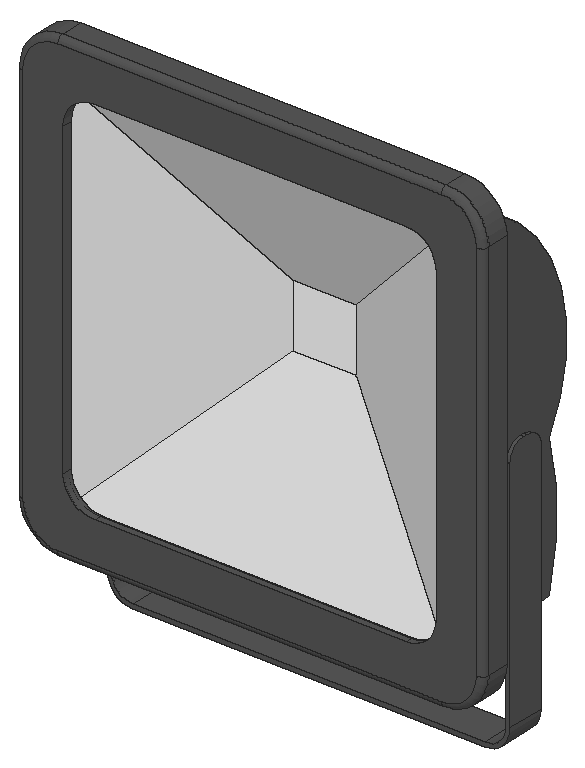
Revit family "0047827 Feilo Sylvania Lighting Fixture START FLOOD LED 4700LM 50W 4000K", category Lighting Fixtures, host Face, Revit 2017
Family settings
  Host = Face
  Round Connector Dimension = Use Diameter
  Part Type = Normal
  OmniClass Number = 23.80.70.00
  OmniClass Title = Lighting
  Cut with Voids When Loaded = No
  Light Source = No
  Shared = No
  Room Calculation Point = No
Parameters (values of type "0047827 START FLOOD LED 4700LM 50W 4000K")
  Weight = "8.895 kg"
  Wattage Comments = ""
  WarrantyStartDate [instance] = "n/a"
  WarrantyGuarantorParts = "n/a"
  WarrantyDurationUnit = "n/a"
  WarrantyDurationParts = "n/a"
  WarrantyDescription = "n/a"
  Voltage = 230 V
  URL = "http://www.sylvania-lighting.com"
  TypeName = "START FLOOD LED 4700LM 50W 4000K"
  Type Image = <None>
  Type Comments = "n/a"
  TiltAngle_FEILO [instance] = 0.00°
  SerialNumber [instance] = "n/a"
  Material_3_FEILO = none
  PowerFactor = 0
  PowerConsumption = "50 W"
  NominalLength = 70.8 mm
  NominalHeight = 268.3 mm
  NominalDepth = 220.7 mm
  Name = "START FLOOD LED 4700LM 50W 4000K"
  ModelReference = Name  # "START FLOOD LED 4700LM 50W 4000K"
  ModelNumber = "0047827"
  Model = Name  # "START FLOOD LED 4700LM 50W 4000K"
  Material = "die-cast aluminium housing, glass diffuser"
  ManufacturerName = "Feilo Sylvania"
  Manufacturer = "Feilo Sylvania"
  LuminousEfficacy = "94 lm/W"
  LuminaireType = ""
  LightOutputRatio = "100"
  LampsType = Lamp  # "LED"
  LampNominalLuminous = "4700 lm"
  LampMacAdamStep = "n/a"
  LampColourTemperature = "4000 K"
  LampColourRenderingIndex = "0"
  Lamp = "LED"
  Keynote = "16500"
  InstallationDate [instance] = "n/a"
  InputVoltage = "220-240V~"
  InputNominalFrequency = "n/a"
  IngressProtection = "IP44"
  ImpactProtectionIndex = "IK07"
  IfcExportType = "IfcLightFixtureType"
  IfcExportAs = "IfcLightFixtureType"
  ExpectedLife = 50000
  EndAngle_FEILO [instance] = TiltAngle_FEILO + 180.00°  # 180.00°
  ElectricShockClassification = "Class I"
  DurationUnit = "hours"
  DocumentationLiterature = "http://www.sylvania-lighting.com/product/en-int/products/0047827"
  DimmingControlOptions = "n/a"
  Material_2_FEILO = none
  Description = "LED floodlight, IP65, 4700LM, 50W, 4000K, 100 degree beam angle, black aluminium die-cast body, slimline 70.8mmx220.7mmx220.7mm, lifetime 30,000hrs, PIR: 8m range 120 degree angle, adjustable lux: 0 -1000 lux, adjustable time: 10 sec - 12min."
  Default Elevation = 1219.2 mm
  CreatedOn = "12/15/2017"
  CreatedBy = ""
  Cost = 0
  built-in parameter 1114216 [instance] = (empty or 0)
  ClassificationValue = "EF_70_80"
  ClassificationName = "Uniclass2015"
  Material_1_FEILO = Body-Sylvania-StartFlood-Black
  BracketWidth_FEILO = 18 mm
  BracketThickness_FEILO = 2 mm
  BracketRadius_FEILO = 10 mm
  BracketRadiusOuter_FEILO = BracketRadius_FEILO + BracketThickness_FEILO  # 12 mm
  BracketInnerWidth_FEILO = 186.4 mm
  BracketHeight_FEILO = 132 mm
  BracketFillet_FEILO = BracketWidth_FEILO / 2 - 1 mm  # 8 mm
  BracketAxisFromTop_FEILO = BracketWidth_FEILO / 2  # 9 mm
  BarCode [instance] = "n/a"
  AssetType = "Fixed"
  AssetIdentifier [instance] = "n/a"
  Assembly Code = "D5020200"
  Apparent Load = 50 VA
  Material_4_FEILO = none
Reference planes
  plane 1 "Center (Front/Back)": y = 0
  plane 2: z = 0
  plane 3 "Center (Left/Right)": x = 0
  plane 4: x = -93.2
  plane 5: x = 95.2
  plane 6: z = 132
  plane 7: x = -95.2
  plane 8: z = 2
  plane 9: x = 93.2
  plane 10: y = 9
  plane 11: y = -9
  plane 12: y = -10
  plane 13: y = 10
  plane 14: z = 133
  plane 15: z = 123
Forms (mm)
  Extrusion 1, solid, material "Body-Sylvania-StartFlood-Black" <- "Material_1_FEILO"
    sketch origin (0, 0, 0) x (1, 0, 0) y (0, 0, 1)
      loop
        line (-93.2, 132) -> (-95.2, 132) -> (-95.2, 12)
        arc (-95.2, 12) -> (-91.685, 3.515) -> (-83.2, 0) r 12
        line (-83.2, 0) -> (83.2, 0)
        arc (83.2, 0) -> (91.685, 3.515) -> (95.2, 12) r 12
        line (95.2, 12) -> (95.2, 132) -> (93.2, 132) -> (93.2, 12)
        arc (93.2, 12) -> (90.271, 4.929) -> (83.2, 2) r 10
        line (83.2, 2) -> (-83.2, 2)
        arc (-83.2, 2) -> (-90.271, 4.929) -> (-93.2, 12) r 10
        line (-93.2, 12) -> (-93.2, 132)
    from -9 to 9
  Extrusion 2, void
    sketch origin (0, 0, 0) x (0, 1, 0) y (0, 0, 1)
      loop
        arc (1, 132) -> (6.657, 129.657) -> (9, 124) r 8
        line (9, 124) -> (10, 124) -> (10, 133) -> (-10, 133) -> (-10, 124) -> (-9, 124)
        arc (-9, 124) -> (-6.657, 129.657) -> (-1, 132) r 8
        line (-1, 132) -> (1, 132)
    from -95.2 to 95.2
  Revolve 3, solid, not visible
    sketch origin (0, 0, 0) x (1, 0, 0) y (0, 0, 1)
      loop
        line (0, 123) -> (0, 132) -> (-13.68, 132) -> (-13.68, 123) -> (0, 123)
      axis (0, 123) -> (-13.68, 123)
    angle from 0 <- "TiltAngle_FEILO" to 180 <- "EndAngle_FEILO"
Cuts and joins
  Extrusion 2 cuts Extrusion 1
Dimensions and locks
  plane 5 to plane 3 "Center (Left/Right)" to plane 4 = 95.2 mm, 93.2 mm
  "BracketThickness_FEILO": plane 8 to plane 2
  "BracketThickness_FEILO": plane 4 to plane 7
  "BracketThickness_FEILO": plane 5 to plane 9
  locked: plane 6 to plane 14 at 1
  "BracketAxisFromTop_FEILO": plane 15 to plane 6
  "BracketWidth_FEILO": plane 11 to plane 10
  equal spacing: plane 11, plane 1 "Center (Front/Back)", plane 10
  equal spacing: plane 12, plane 1 "Center (Front/Back)", plane 13
  locked: plane 10 to plane 13 at 1
  "BracketHeight_FEILO": plane 6 to plane 2
  equal spacing: plane 9, plane 3 "Center (Left/Right)", plane 4
  "BracketInnerWidth_FEILO": plane 9 to plane 4
  equal spacing: plane 5, plane 3 "Center (Left/Right)", plane 7
  "BracketRadius_FEILO": radius of Extrusion 1 sketch curve  (x2)
  "BracketRadiusOuter_FEILO": radius of Extrusion 1 sketch curve  (x2)
  "BracketFillet_FEILO": radius of Extrusion 2 sketch curve  (x2)
  aligned and locked: plane 2 to host face
  aligned and locked: level to host face
  aligned and locked: plane 6 to Extrusion 1 sketch curve  (x3)
  aligned and locked: Extrusion 1 sketch curve to plane 4
  aligned and locked: plane 8 to Extrusion 1 sketch curve
  aligned and locked: plane 9 to Extrusion 1 sketch curve
  aligned and locked: Extrusion 1 sketch curve to plane 5
  aligned and locked: level to Extrusion 1 sketch curve
  aligned and locked: plane 7 to Extrusion 1 sketch curve
  aligned and locked: Extrusion 1 to plane 10
  aligned and locked: plane 11 to Extrusion 1
  aligned and locked: Extrusion 1 to Extrusion 2 sketch curve
  aligned and locked: plane 14 to Extrusion 2 sketch curve
  aligned and locked: Extrusion 2 sketch curve to plane 12
  aligned and locked: plane 13 to Extrusion 2 sketch curve
  aligned and locked: plane 5 to Extrusion 2
  aligned and locked: Extrusion 2 to plane 7
  aligned and locked: Extrusion 1 to Extrusion 2  (x2)
  aligned and locked: Revolve 3 sketch curve to plane 15  (x2)
  aligned and locked: Revolve 3 sketch curve to plane 3 "Center (Left/Right)"
  aligned and locked: plane 6 to Revolve 3 sketch curve
Automatic sketch dimensions
  host sketch curve to host sketch curve = 2438.4 mm  (x2)
  Extrusion 2 sketch curve to plane 11 = 0 mm
  Extrusion 2 sketch curve to plane 10 = 0 mm
  Revolve 3 sketch curve to plane 3 "Center (Left/Right)" = 13.68 mm
  Revolve 3 sketch curve to plane 7 = 1481.135 mm
  plane 5 to Revolve 3 sketch curve = 1608.273 mm
Nested families
  nested 1: "0047823 START FLOOD LED 2300LM 26W 4000K body" at (0, 0, 144.401) x (1, 0, 0) z (0, -1, 0), type "0047823 START FLOOD LED 2300LM 26W 4000K"
    with built-in parameter 1114216 (empty or 0)
Connectors
  electrical at (0, 0, 0), driven by "Apparent Load", driven by "PowerFactor", driven by "Voltage"
    settings: index 1, voltage 230 V, apparent load 50 VA, apparent load phase1 0 VA, apparent load phase2 0 VA, apparent load phase3 0 VA, power factor 0, load classification "Lighting", number of poles 1, system type 30, power factor state 1, is connector primary yes, connector utility no, sub classification motor no, connector description ""
Definition of nested family "0047823 START FLOOD LED 2300LM 26W 4000K body"
  Parameters (values of type "0047823 START FLOOD LED 2300LM 26W 4000K")
    Wattage Comments = "n/a"
    Wattage = 26 W
    built-in parameter 1150110 = 1 (stored number, unit not read)
    URL = "http://www.feilosylvania.com"
    Type Image = (empty or 0)
    Type Comments = "n/a"
    built-in parameter 1114217 = 1 (stored number, unit not read)
    Tilt Angle = -90.00°
    built-in parameter 1150109 = 1 (stored number, unit not read)
    built-in parameter 1150134 = 12
    built-in parameter 1150113 = 1 (stored number, unit not read)
    ScreenThickness_FEILO = BodyDepth_FEILO / 5.22  # 13.602 mm
    ScreenRadius_FEILO = BodyWidth_FEILO / 15  # 14.713 mm
    ScreenOffsetTop_FEILO = BodyHeight_FEILO / 10  # 22.07 mm
    ScreenOffsetSide_FEILO = BodyWidth_FEILO / 10  # 22.07 mm
    ScreenOffsetFromTop_FEILO = BodyDepth_FEILO / 16  # 4.438 mm
    ScreenChamfer_FEILO = BodyWidth_FEILO / 36  # 6.131 mm
    Photometric Web File = "0047823.ies"
    Material_3_FEILO = none
    Model = "START FLOOD LED 2300LM 26W 4000K"
    Manufacturer = "Feilo Sylvania"
    built-in parameter 1150105 = 1027.4 (stored number, unit not read)
    Lumens = 2288 lm
    built-in parameter 1150115 = 1 (stored number, unit not read)
    built-in parameter 1150137 = (empty or 0)
    built-in parameter 1150139 = (empty or 0)
    built-in parameter 1150112 = 1 (stored number, unit not read)
    built-in parameter 1150114 = 1 (stored number, unit not read)
    Lamp = "LED"
    Keynote = "16500"
    Material_2_FEILO = none
    built-in parameter 1150132 = (empty or 0)
    built-in parameter 1150102 = (empty or 0)
    built-in parameter 1150107 = 4000 (stored number, unit not read)
    built-in parameter 1150138 = (empty or 0)
    built-in parameter 1150106 = 10.274 (stored number, unit not read)
    Emit from Rectangle Width = 170 mm
    Emit from Rectangle Length = 170 mm
    Emit Shape Visible in Rendering = no
    built-in parameter 1150104 = 8.1755 (stored number, unit not read)
    Dimming Lamp Color Temperature Shift = (empty or 0)
    Description = "LED IP65 floodlight, 2300LM, 26W, 4000K, 100 degree beam angle, black aluminium die-cast body, slimline 59.5mmx151.3mmx180mm, lifetime 30,000hrs."
    Default Elevation = 1219.2 mm
    Cost = 0
    Color Filter = 16777215
    built-in parameter 1114216 [instance] = (empty or 0)
    Material_1_FEILO = none
    BodyWidth_FEILO = 220.7 mm
    BodyTopFromAxis_FEILO = BodyDepth_FEILO / 1.62  # 43.827 mm
    BodyRadius_FEILO = BodyWidth_FEILO / 11.25  # 19.618 mm
    BodyHeight_FEILO = 220.7 mm
    BodyFillet_FEILO = 3 mm
    BodyDepth_FEILO = 71 mm
    built-in parameter 1114218 = 1 (stored number, unit not read)
    Back_3_FEILO = BodyHeight_FEILO / 3.3  # 66.879 mm
    Back_2_FEILO = BodyDepth_FEILO / 6.67  # 10.645 mm
    Back_1_FEILO = BodyDepth_FEILO / 12  # 5.917 mm
    BackOffset_FEILO = BodyWidth_FEILO / 45  # 4.904 mm
    built-in parameter 1150133 = 10 (stored number, unit not read)
    Assembly Code = "D5020200"
    Apparent Load = 26 VA
    Material_4_FEILO = none
  Reference planes
    plane 1 "Center (Front/Back)": y = 0
    plane 2: z = 0
    plane 3 "Center (Left/Right)": x = 0
    plane 4: x = 110.35
    plane 5: x = -110.35
    plane 6: y = 110.35
    plane 7: y = -110.35
    plane 8: x = -88.28
    plane 9: x = 88.28
    plane 10: y = 88.28
    plane 11: y = -88.28
    plane 12: x = -107.35
    plane 13: y = 107.35
    plane 14: y = -107.35
    plane 15: x = 107.35
    plane 16: z = 43.827
    plane 17: z = -27.173
    plane 18: z = 30.226
    plane 19: z = 39.39
    plane 20: z = 40.827
    plane 21: y = 93.184
    plane 22: x = -93.184
    plane 23: y = -93.184
    plane 24: x = 93.184
    plane 25: z = -21.256
    plane 26: y = -21.401
    plane 27: z = -16.528
    plane 28: x = -15
    plane 29: x = 15
    plane 30: y = 15
    plane 31: y = -15
  Forms (mm)
    Extrusion 1, solid
      sketch origin (4.2, 0, 0) x (1, 0, 0) y (0, 1, 0)
        loop
          line (-1219.2, 1219.2) -> (-1219.2, -1219.2) -> (1219.2, -1219.2) -> (1219.2, 1219.2) -> (-1219.2, 1219.2)
      from 0 to -68.017
    Extrusion 2, solid, material <- "Material_1_FEILO"
      sketch origin (0, 1219.2, 43.827) x (1, 0, 0) y (0, -1, 0)
        loop
          line (-90.732, 1108.85) -> (90.732, 1108.85)
          arc (90.732, 1108.85) -> (104.604, 1114.596) -> (110.35, 1128.468) r 19.618
          line (110.35, 1128.468) -> (110.35, 1309.932)
          arc (110.35, 1309.932) -> (104.604, 1323.804) -> (90.732, 1329.55) r 19.618
          line (90.732, 1329.55) -> (-90.732, 1329.55)
          arc (-90.732, 1329.55) -> (-104.604, 1323.804) -> (-110.35, 1309.932) r 19.618
          line (-110.35, 1309.932) -> (-110.35, 1128.468)
          arc (-110.35, 1128.468) -> (-104.604, 1114.596) -> (-90.732, 1108.85) r 19.618
      from 13.602 to 0
    Extrusion 3, void
      sketch origin (0, 1219.2, 43.827) x (0, -1, 0) y (1, 0, 0)
        loop
          arc (1130.92, -73.567) -> (1135.229, -83.971) -> (1145.633, -88.28) r 14.713
          line (1145.633, -88.28) -> (1292.767, -88.28)
          arc (1292.767, -88.28) -> (1303.171, -83.971) -> (1307.48, -73.567) r 14.713
          line (1307.48, -73.567) -> (1307.48, 73.567)
          arc (1307.48, 73.567) -> (1303.171, 83.971) -> (1292.767, 88.28) r 14.713
          line (1292.767, 88.28) -> (1145.633, 88.28)
          arc (1145.633, 88.28) -> (1135.229, 83.971) -> (1130.92, 73.567) r 14.713
          line (1130.92, 73.567) -> (1130.92, -73.567)
      from 0 to -4.437
    Sweep 4, void
      path in 3D
        loop
          arc (90.732, -110.35, 43.827) -> (104.604, -104.604, 43.827) -> (110.35, -90.732, 43.827) r 19.618
          line (110.35, -90.732, 43.827) -> (110.35, 90.732, 43.827)
          arc (110.35, 90.732, 43.827) -> (104.604, 104.604, 43.827) -> (90.732, 110.35, 43.827) r 19.618
          line (90.732, 110.35, 43.827) -> (-90.732, 110.35, 43.827)
          arc (-90.732, 110.35, 43.827) -> (-104.604, 104.604, 43.827) -> (-110.35, 90.732, 43.827) r 19.618
          line (-110.35, 90.732, 43.827) -> (-110.35, -90.732, 43.827)
          arc (-110.35, -90.732, 43.827) -> (-104.604, -104.604, 43.827) -> (-90.732, -110.35, 43.827) r 19.618
          line (-90.732, -110.35, 43.827) -> (90.732, -110.35, 43.827)
      profile origin (0, -110.35, 43.827) x (0, 1, 0) y (0, 0, 1)
        loop
          line (3, 0) -> (5, 0) -> (5, 1.111) -> (-1.5, 1.111) -> (-1.5, -4.617) -> (0, -4.617) -> (0, -3)
          arc (0, -3) -> (0.879, -0.879) -> (3, 0) r 3
    Extrusion 5, solid, material <- "Material_1_FEILO"
      sketch origin (0, 0, 0) x (0, 1, 0) y (0, 0, 1)
        loop
          line (-93.184, 30.226) -> (-88.28, -16.528)
          arc (-88.28, -16.528) -> (-54.841, -21.256) -> (-21.401, -16.528) r 120.609
          arc (-21.401, -16.528) -> (47.174, -20.802) -> (93.184, 30.226) r 79.038
          line (93.184, 30.226) -> (-93.184, 30.226)
      from -93.184 to 93.184
    Blend 6, void
      base sketch origin (0, 1219.2, 39.39) x (0, -1, 0) y (1, 0, 0)
        loop
          line (1130.92, -88.28) -> (1307.48, -88.28) -> (1307.48, 88.28) -> (1130.92, 88.28) -> (1130.92, -88.28)
      top sketch origin (0, 1219.2, 39.39) x (0, -1, 0) y (1, 0, 0)
        loop
          line (1204.2, -15) -> (1234.2, -15) -> (1234.2, 15) -> (1204.2, 15) -> (1204.2, -15)
      from 0 to -39.39
    Extrusion 7, solid, material <- "Material_4_FEILO"
      sketch origin (0, 1219.2, 43.827) x (1, 0, 0) y (0, -1, 0)
        loop
          arc (-88.28, 1145.633) -> (-83.971, 1135.229) -> (-73.567, 1130.92) r 14.713
          line (-73.567, 1130.92) -> (73.567, 1130.92)
          arc (73.567, 1130.92) -> (83.971, 1135.229) -> (88.28, 1145.633) r 14.713
          line (88.28, 1145.633) -> (88.28, 1292.767)
          arc (88.28, 1292.767) -> (83.971, 1303.171) -> (73.567, 1307.48) r 14.713
          line (73.567, 1307.48) -> (-73.567, 1307.48)
          arc (-73.567, 1307.48) -> (-83.971, 1303.171) -> (-88.28, 1292.767) r 14.713
          line (-88.28, 1292.767) -> (-88.28, 1145.633)
      from 0 to 3
  Cuts and joins
    Extrusion 3, Sweep 4, Blend 6 cuts Extrusion 2
    Blend 6 cuts Extrusion 5
    joined: Extrusion 2, Extrusion 5
  Lines and regions (mm)
    sketch lines
      curve 1: line (-90.732, -110.35, 43.827) -> (90.732, -110.35, 43.827)
      curve 2: arc (-90.732, -110.35, 43.827) -> (-104.604, -104.604, 43.827) -> (-110.35, -90.732, 43.827) r 19.618
      curve 3: line (-110.35, 90.732, 43.827) -> (-110.35, -90.732, 43.827)
      curve 4: arc (-110.35, 90.732, 43.827) -> (-104.604, 104.604, 43.827) -> (-90.732, 110.35, 43.827) r 19.618
      curve 5: line (90.732, 110.35, 43.827) -> (-90.732, 110.35, 43.827)
      curve 6: arc (90.732, 110.35, 43.827) -> (104.604, 104.604, 43.827) -> (110.35, 90.732, 43.827) r 19.618
      curve 7: line (110.35, -90.732, 43.827) -> (110.35, 90.732, 43.827)
      curve 8: arc (110.35, -90.732, 43.827) -> (104.604, -104.604, 43.827) -> (90.732, -110.35, 43.827) r 19.618
  Dimensions and locks
    equal spacing: plane 7, plane 1 "Center (Front/Back)", plane 6
    "BodyHeight_FEILO": plane 7 to plane 6
    equal spacing: plane 5, plane 3 "Center (Left/Right)", plane 4
    "BodyWidth_FEILO": plane 5 to plane 4
    equal spacing: plane 11, plane 1 "Center (Front/Back)", plane 10
    equal spacing: plane 8, plane 3 "Center (Left/Right)", plane 9
    "ScreenOffsetSide_FEILO": plane 5 to plane 8
    "ScreenOffsetTop_FEILO": plane 10 to plane 6
    equal spacing: plane 12, plane 3 "Center (Left/Right)", plane 15
    "BodyFillet_FEILO": plane 5 to plane 12
    equal spacing: plane 14, plane 1 "Center (Front/Back)", plane 13
    "BodyFillet_FEILO": plane 13 to plane 6
    "BodyTopFromAxis_FEILO": plane 16 to plane 2
    "BodyDepth_FEILO": plane 17 to plane 16
    "ScreenThickness_FEILO": plane 18 to plane 16
    "ScreenOffsetFromTop_FEILO": plane 19 to plane 16
    "BodyFillet_FEILO": plane 20 to plane 16
    locked: Sweep 4 sketch curve to profile plane at 1.5
    locked: plane 7 to Sweep 4 sketch curve at 5
    locked: Sweep 4 sketch curve to plane 20 at 1.617
    "BackOffset_FEILO": plane 10 to plane 21
    "BackOffset_FEILO": plane 22 to plane 8
    "BackOffset_FEILO": plane 9 to plane 24
    "BackOffset_FEILO": plane 23 to plane 11
    "Back_1_FEILO": plane 17 to plane 25
    "Back_3_FEILO": plane 11 to plane 26
    "Back_2_FEILO": plane 17 to plane 27
    equal spacing: plane 31, plane 1 "Center (Front/Back)", plane 30
    equal spacing: plane 28, plane 3 "Center (Left/Right)", plane 29
    locked: plane 28 to plane 3 "Center (Left/Right)" at 15
    locked: plane 1 "Center (Front/Back)" to plane 30 at 15
    "BodyRadius_FEILO": radius of Extrusion 2 sketch curve  (x4)
    "ScreenRadius_FEILO": radius of Extrusion 3 sketch curve  (x4)
    "BodyFillet_FEILO": radius of Sweep 4 sketch curve
    aligned and locked: plane 2 to Extrusion 1
    aligned and locked: level to Extrusion 1
    aligned and locked: Extrusion 2 sketch curve to plane 6
    aligned and locked: Extrusion 2 sketch curve to plane 5
    aligned and locked: plane 7 to Extrusion 2 sketch curve
    aligned and locked: plane 4 to Extrusion 2 sketch curve
    aligned and locked: plane 18 to Extrusion 2
    aligned and locked: Extrusion 2 to plane 16
    aligned and locked: plane 10 to Extrusion 3 sketch curve
    aligned and locked: plane 8 to Extrusion 3 sketch curve
    aligned and locked: Extrusion 3 sketch curve to plane 11
    aligned and locked: Extrusion 3 sketch curve to plane 9
    aligned and locked: plane 19 to Extrusion 3
    aligned and locked: Extrusion 3 to plane 16
    aligned and locked: plane 11 to Extrusion 5 sketch curve
    aligned and locked: plane 18 to Extrusion 5 sketch curve
    aligned and locked: plane 27 to Extrusion 5 sketch curve
    aligned and locked: plane 24 to Extrusion 5
    aligned and locked: Extrusion 5 to plane 22
    aligned and locked: plane 10 to Blend 6 sketch curve
    aligned and locked: plane 8 to Blend 6 sketch curve
    aligned and locked: Blend 6 sketch curve to plane 11
    aligned and locked: Blend 6 sketch curve to plane 9
    aligned and locked: plane 30 to Blend 6 sketch curve
    aligned and locked: plane 28 to Blend 6 sketch curve
    aligned and locked: Blend 6 sketch curve to plane 31
    aligned and locked: Blend 6 sketch curve to plane 29
    aligned and locked: Blend 6 to level
    aligned and locked: Blend 6 to plane 19
    aligned and locked: Extrusion 7 sketch curve to cut or joined group of Extrusion 2, Extrusion 3, Sweep 4, Extrusion 5, Blend 6  (x4)
    aligned and locked: plane 20 to Extrusion 7
    aligned and locked: Extrusion 7 to plane 16
    aligned and locked: plane 3 "Center (Left/Right)" to imposter light
    aligned and locked: imposter light to plane 1 "Center (Front/Back)"
    aligned and locked: imposter light to plane 16
  Automatic sketch dimensions
    Extrusion 1 sketch curve to Extrusion 1 sketch curve = 2438.4 mm  (x2)
    Sweep 4 sketch curve to profile plane = 0 mm  (x2)
    profile plane to Sweep 4 sketch curve = 1.111 mm
    Extrusion 5 sketch curve to plane 23 = 0 mm
    Extrusion 5 sketch curve to plane 26 = 0 mm
    Extrusion 5 sketch curve to plane 21 = 0 mm
    plane 27 to Extrusion 5 sketch curve = 0 mm
    Extrusion 5 sketch curve to plane 30 = 2.314 mm
    Extrusion 5 sketch curve to plane 16 = 55.526 mm
